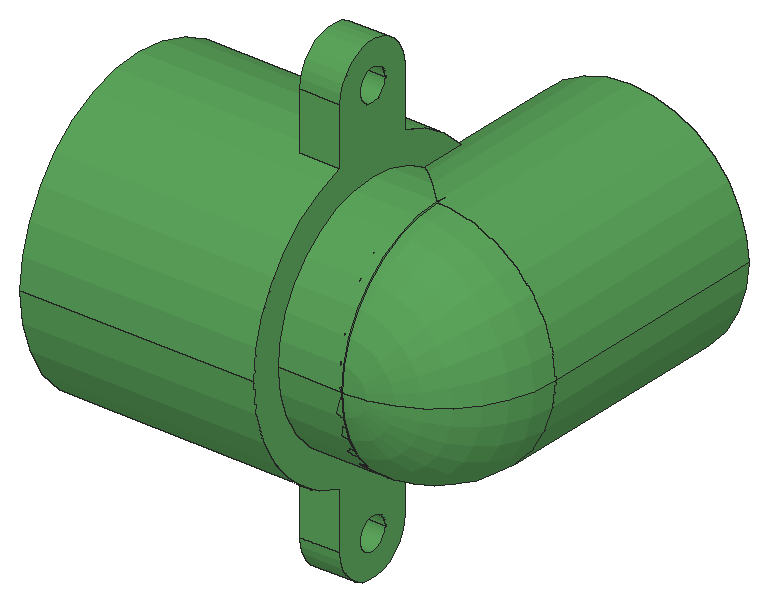
Revit family "Aquatherm_Настенная шайба для подключения под штукатурку", category Соединительные детали трубопроводов, Revit 2019
Family settings
  Размер круглого соединителя = Использовать диаметр
  Тип детали = Отвод
  На основе рабочей плоскости = Нет
  Всегда вертикально = Да
  При загрузке вырезать с полостями = Нет
  Общий = Нет
Parameters (values of type "SDR 7.4")
  Нержавеющая сталь [instance] = not(Латунь)  # no
  Материал_Корпус_2 = AquaTherm латунь pipe
  Материал_Корпус = AquaTherm green pipe
  Латунь [instance] = yes
  z1 [instance] = size_lookup("Настенная шайба для подключения под штукатурку", "z1", 18 mm, d, R, lt)  # 24 mm
  z [instance] = size_lookup("Настенная шайба для подключения под штукатурку", "z", 18 mm, d, R, lt)  # 15.5 mm
  r1 [instance] = if(d > R, d, R)  # 20 mm
  r [instance] = if(d > R, D, R)  # 29.5 mm
  n [instance] = if(d > R, z, z1)  # 15.5 mm
  m [instance] = if(d > R, z1, z)  # 24 mm
  lt [instance] = if(Латунь, 1 mm, 0 mm)  # 1 mm
  l1 [instance] = size_lookup("Настенная шайба для подключения под штукатурку", "l1", 18 mm, d, R, lt)  # 37 mm
  d3 [instance] = 7 mm  # constant formula
  c [instance] = 30 mm  # constant formula
  URL = "www.agpipe.ru"
  l [instance] = size_lookup("Настенная шайба для подключения под штукатурку", "l", 18 mm, d, R, lt)  # 30 mm
  d [instance] = 20 mm
  SDR = 7.4 mm
  R1 [instance] = R + 3 mm  # 18 mm
  R [instance] = 15 mm
  D1 [instance] = size_lookup("Настенная шайба для подключения под штукатурку", "D1", 18 mm, d, R, lt)  # 37 mm
  D [instance] = size_lookup("Настенная шайба для подключения под штукатурку", "D", 18 mm, d, R, lt)  # 29.5 mm
  ADSK_Примечание = ""
  ADSK_Позиция [instance] = ""
  ADSK_Обозначение [instance] = ""
  ADSK_Наименование [instance] = size_lookup("Настенная шайба для подключения под штукатурку", "ADSK_Наименование", "Нет в каталоге", d, R, lt)  # "Настенная шайба для подключения под штукатурку DN20x1/2\""
  ADSK_Масса_Текст [instance] = size_lookup("Настенная шайба для подключения под штукатурку", "ADSK_Масса_Текст", "Нет в каталоге", d, R, lt)  # "0.079"
  ADSK_Код изделия [instance] = size_lookup("Настенная шайба для подключения под штукатурку", "ADSK_Код изделия", "Нет в каталоге", d, R, lt)  # "20158"
  ADSK_Завод-изготовитель = "Aquatherm"  # constant formula
  ADSK_Единица измерения = "шт."  # constant formula
  2 [instance] = 1 = 1  # yes
Types (4, lengths in mm): name | SDR
  (no name) | 7.4
  SDR 6 | 6
  SDR 7.4 | 7.4
  SDR 11 | 11
Reference planes
  plane 1 "По центру (Вперед/Назад)": y = 0
  plane 2: z = 0
  plane 3 "По центру (Влево/Вправо)": x = 0
  plane 4: x = -15.5
  plane 5: x = -37
  plane 6: y = 24
  plane 7: y = 30
  plane 8: y = 18.5
  plane 9: y = -18.5
  plane 10: y = 9
  plane 11: y = -9
  plane 12: y = -14.75
  plane 13: y = 14.75
  plane 14: x = -14.75
  plane 15: x = 14.75
  plane 16: x = -10
  plane 17: x = 10
  plane 18: x = -7.5
  plane 19: x = 7.5
  plane 20: y = -14.75
  plane 21: y = 14.75
  plane 22: y = -10
  plane 23: y = 10
  plane 24: y = -10
  plane 25: y = 10
  plane 26: x = 14.5
  plane 27: x = -14.75
  plane 28: x = 14.75
Forms (mm)
  Revolve 1, solid, material "AquaTherm green pipe" <- "Материал_Корпус", visible <- "2"
    sketch origin (0, 0, 0) x (1, 0, 0) y (0, 1, 0)
      loop
        line (-37, -9) -> (-37, -18.5) -> (-8, -18.5) -> (-8, -14.75) -> (0, -14.75) -> (0, -10) -> (-14.589, -10) -> (-15.5, -9) -> (-37, -9)
      axis (-37, 0) -> (0, 0)
    angle from 0 to 360
  Revolve 2, solid, material "AquaTherm green pipe" <- "Материал_Корпус", visible <- "2"
    sketch origin (0, 0, 0) x (1, 0, 0) y (0, 1, 0)
      loop
        line (14.75, 0) -> (14.75, 30) -> (10, 30) -> (10, 24) -> (7.5, 24) -> (7.5, -10) -> (0, -10) -> (0, -14.75)
        arc (0, -14.75) -> (10.43, -10.43) -> (14.75, 0) r 14.75
      axis (0, -14.75) -> (0, 30)
    angle from 0 to 360
  Extrusion 3, solid, material "AquaTherm green pipe" <- "Материал_Корпус", visible <- "2"
    sketch origin (0, 0, 0) x (0, 1, 0) y (0, 0, 1)
      loop
        line (-5, 0) -> (-5, -25)
        arc (-5, -25) -> (0, -30) -> (5, -25) r 5
        line (5, -25) -> (5, 0) -> (5, 25)
        arc (5, 25) -> (0, 30) -> (-5, 25) r 5
        line (-5, 25) -> (-5, 0)
      loop
        circle (0, 25) r 2
      loop
        circle (0, -25) r 2
    from -13 to -8
  Extrusion 4, solid, material "AquaTherm латунь pipe" <- "Материал_Корпус_2"
    sketch origin (0, 0, 0) x (0, 1, 0) y (0, 0, 1)
      loop
        circle (0, 0) r 9
      loop
        circle (0, 0) r 7.5
    from -37 to -15.5
Cuts and joins
  joined: Revolve 1, Extrusion 3
Lines and regions (mm)
  reference lines
    curve 1: line (-15.5, 0, 0) -> (0, 0, 0)
    curve 2: line (0, 24, 0) -> (0, 0, 0)
Dimensions and locks
  "n": plane 4 to plane 3 "По центру (Влево/Вправо)"
  "m": plane 1 "По центру (Вперед/Назад)" to plane 6
  "l": plane 1 "По центру (Вперед/Назад)" to plane 7
  equal spacing: plane 8, plane 1 "По центру (Вперед/Назад)", plane 9
  "D1": plane 8 to plane 9
  equal spacing: plane 10, plane 1 "По центру (Вперед/Назад)", plane 11
  "R1": plane 10 to plane 11
  locked: Revolve 1 sketch curve to plane 3 "По центру (Влево/Вправо)" at 8
  equal spacing: plane 13, plane 1 "По центру (Вперед/Назад)", plane 12
  "D": plane 13 to plane 12
  equal spacing: plane 14, plane 3 "По центру (Влево/Вправо)", plane 15
  "D": plane 14 to plane 15
  equal spacing: plane 16, plane 3 "По центру (Влево/Вправо)", plane 17
  "d": plane 16 to plane 17
  equal spacing: plane 18, plane 3 "По центру (Влево/Вправо)", plane 19
  "R": plane 18 to plane 19
  equal spacing: plane 20, plane 1 "По центру (Вперед/Назад)", plane 21
  "D": plane 20 to plane 21
  equal spacing: plane 22, plane 1 "По центру (Вперед/Назад)", plane 23
  "d": plane 22 to plane 23
  equal spacing: plane 25, plane 1 "По центру (Вперед/Назад)", plane 24
  "d": plane 25 to plane 24
  locked: plane 4 to Revolve 1 sketch curve at 0.911
  equal spacing: plane 27, plane 3 "По центру (Влево/Вправо)", plane 28
  "D": plane 27 to plane 28
  "l1": plane 5 to plane 3 "По центру (Влево/Вправо)"
  "R": diameter of Extrusion 4 sketch curve
  "R1": diameter of Extrusion 4 sketch curve
  aligned and locked: level to plane 2
  aligned and locked: Revolve 1 sketch curve to plane 5
  aligned and locked: Revolve 1 sketch curve to plane 11
  aligned and locked: Revolve 1 sketch curve to plane 3 "По центру (Влево/Вправо)"
  aligned and locked: Revolve 1 sketch curve to plane 9
  aligned and locked: Revolve 1 sketch curve to plane 12
  aligned and locked: Revolve 2 sketch curve to plane 19
  aligned and locked: plane 6 to Revolve 2 sketch curve
  aligned and locked: plane 7 to Revolve 2 sketch curve
  aligned and locked: plane 17 to Revolve 2 sketch curve
  aligned and locked: plane 15 to Revolve 2 sketch curve
  aligned and locked: Revolve 1 sketch curve to plane 24
  aligned and locked: plane 4 to Revolve 1 sketch curve
  aligned and locked: plane 4 to curve 1
  aligned and locked: plane 6 to curve 2
  aligned and locked: Extrusion 4 to plane 5
  aligned and locked: plane 4 to Extrusion 4
Automatic sketch dimensions
  plane 1 "По центру (Вперед/Назад)" to curve 1 = 0 mm
  curve 2 to plane 3 "По центру (Влево/Вправо)" = 0 mm
  Extrusion 3 sketch curve to Extrusion 3 sketch curve = 0 mm  (x4)
  Extrusion 3 sketch curve to level = 0 mm  (x2)
  Extrusion 3 sketch curve to plane 1 "По центру (Вперед/Назад)" = 0 mm
  plane 1 "По центру (Вперед/Назад)" to Extrusion 3 sketch curve = 5 mm
  Extrusion 3 sketch curve to level = 25 mm
  level to Extrusion 3 sketch curve = 25 mm
  plane 1 "По центру (Вперед/Назад)" to Revolve 1 sketch curve = 0 mm
  Revolve 1 sketch curve to plane 5 = 1.828 mm
  Revolve 1 sketch curve to plane 3 "По центру (Влево/Вправо)" = 5.833 mm
  plane 1 "По центру (Вперед/Назад)" to Revolve 2 sketch curve = 0 mm  (x2)
  Revolve 2 sketch curve to plane 3 "По центру (Влево/Вправо)" = 0 mm  (x2)
  plane 22 to Revolve 2 sketch curve = 0 mm
  Revolve 2 sketch curve to plane 21 = 0.454 mm
  Extrusion 4 sketch curve to Extrusion 4 sketch curve = 0 mm  (x2)
  Extrusion 4 sketch curve to level = 0 mm
  Extrusion 4 sketch curve to plane 1 "По центру (Вперед/Назад)" = 0 mm
  radius of Extrusion 3 sketch curve = 2 mm  (x2)
Nested families
  nested 1: "Настенная шайба" at (-27.5, 0, 0), d <- "d", R <- "R", Материал_Корпус <- "Материал_Корпус", D <- "D", D1 <- "D1", visible <- "2", type "Настенная шайба"
    with Материал_Корпус AquaTherm green pipe, z2 13 mm, z1 18.5 mm, z 16.5 mm, l1 31.5 mm, l 31 mm, d3 7 mm, d 20 mm, c 30 mm, R 15 mm, L 51 mm, D1 37 mm, D 29.5 mm, ADSK_Позиция "", ADSK_Обозначение "", ADSK_Наименование "", ADSK_Масса_Текст "", ADSK_Код изделия "", 2 no
Connectors
  piping at (-15.5, 0, 0), diameter 15, driven by "R"
    settings: on curve 1, index 1, connector inside diameter 609.6 mm, connector length 0 mm, flow factor 0, pipe flow 0.0 L/s, pressure drop 0.0 Pa, fitting loss kfactor 0, connector angle 0.00°, fixture units 0, engagement length 0 mm, angle of deflection 0.00°, flow configuration 0, flow direction 0, fitting loss method 0, system type 28, joint type 0, gender type 0, connector reference index 2, connector utility 0, adjustable connector no, is connector primary yes, connector description ""
  piping at (0, 24, 0), diameter 20, driven by "d"
    settings: on curve 2, index 2, connector inside diameter 609.6 mm, connector length 0 mm, flow factor 0, pipe flow 0.0 L/s, pressure drop 0.0 Pa, fitting loss kfactor 0, connector angle 0.00°, fixture units 0, engagement length 0 mm, angle of deflection 0.00°, flow configuration 0, flow direction 0, fitting loss method 0, system type 28, joint type 0, gender type 0, connector reference index 1, connector utility 0, adjustable connector no, is connector primary no, connector description ""
Definition of nested family "Настенная шайба"
  Parameters (values of type "Настенная шайба")
    Материал_Корпус [instance] = none
    z2 [instance] = 13 mm
    z1 [instance] = 18.5 mm
    z [instance] = 18 mm
    l1 [instance] = 31.5 mm
    d3 [instance] = 7 mm  # constant formula
    c [instance] = 30 mm  # constant formula
    URL = "http://aquatherm.ru/"
    l [instance] = 31 mm
    d [instance] = 15 mm
    R [instance] = 20 mm
    L [instance] = 51 mm
    D1 [instance] = 29.5 mm
    D [instance] = 37 mm
    ADSK_Примечание = ""
    ADSK_Позиция [instance] = ""
    ADSK_Обозначение [instance] = ""
    ADSK_Наименование [instance] = ""
    ADSK_Масса_Текст [instance] = ""
    ADSK_Код изделия [instance] = ""
    ADSK_Завод-изготовитель = ""
    ADSK_Единица измерения = ""
    2 [instance] = yes
  Reference planes
    plane 1 "По центру (Вперед/Назад)": y = 0
    plane 2: z = 0
    plane 3 "По центру (Влево/Вправо)": x = 0
    plane 4: x = -18.5
    plane 5: x = -31.5
    plane 6: x = 19.5
    plane 7: y = 18
    plane 8: y = -30
    plane 9: y = 31
    plane 10: z = -30
    plane 11: z = 30
    plane 12: x = 14.5
  Forms (mm)
    Extrusion 1, solid, material <- "Материал_Корпус", visible <- "2"
      sketch origin (0, 0, 0) x (0, 1, 0) y (0, 0, 1)
        loop
          circle (0, -30) r 3.5
        loop
          circle (0, 30) r 3.5
        loop
          line (-7, 0) -> (-7, -30)
          arc (-7, -30) -> (0, -37) -> (7, -30) r 7
          line (7, -30) -> (7, -2.693) -> (7, 30)
          arc (7, 30) -> (0, 37) -> (-7, 30) r 7
          line (-7, 30) -> (-7, 0)
      from 14.5 to 19.5
    Extrusion 2, void
      sketch origin (0, 0, 0) x (0, 1, 0) y (0, 0, 1)
        loop
          circle (0, 0) r 14.75
      from 14.5 to 19.5
  Cuts and joins
    Extrusion 2 cuts Extrusion 1
  Lines and regions (mm)
    reference lines
      curve 1: line (0, 0, 0) -> (0, 0, -23.5)
  Dimensions and locks
    "z1": plane 4 to plane 3 "По центру (Влево/Вправо)"
    "z2": plane 5 to plane 4
    "L": plane 5 to plane 6
    "z": plane 1 "По центру (Вперед/Назад)" to plane 7
    "c": plane 8 to plane 1 "По центру (Вперед/Назад)"
    "l": plane 1 "По центру (Вперед/Назад)" to plane 9
    "c": level to plane 10
    "c": plane 11 to level
    Extrusion 1 sketch curve to plane 1 "По центру (Вперед/Назад)" to Extrusion 1 sketch curve = 7 mm locked, 7 mm locked
    "d3": diameter of Extrusion 1 sketch curve  (x2)
    "D1": diameter of Extrusion 2 sketch curve
    aligned and locked: level to plane 2
    aligned and locked: plane 1 "По центру (Вперед/Назад)" to Extrusion 1 sketch curve  (x2)
    aligned and locked: plane 11 to Extrusion 1 sketch curve
    aligned and locked: plane 10 to Extrusion 1 sketch curve  (x2)
    aligned and locked: Extrusion 1 to plane 12
    aligned and locked: plane 6 to Extrusion 1
    aligned and locked: plane 6 to Extrusion 2
    aligned and locked: cut or joined group of Extrusion 1, Extrusion 2 to plane 12
  Automatic sketch dimensions
    curve 1 to plane 1 "По центру (Вперед/Назад)" = 0 mm
    curve 1 to level = 0 mm
    curve 1 to level = 23.5 mm
    Extrusion 1 sketch curve to Extrusion 1 sketch curve = 0 mm
    Extrusion 1 sketch curve to level = 0 mm
    Extrusion 1 sketch curve to level = 2.693 mm
    Extrusion 2 sketch curve to level = 0 mm
    Extrusion 2 sketch curve to plane 1 "По центру (Вперед/Назад)" = 0 mm
